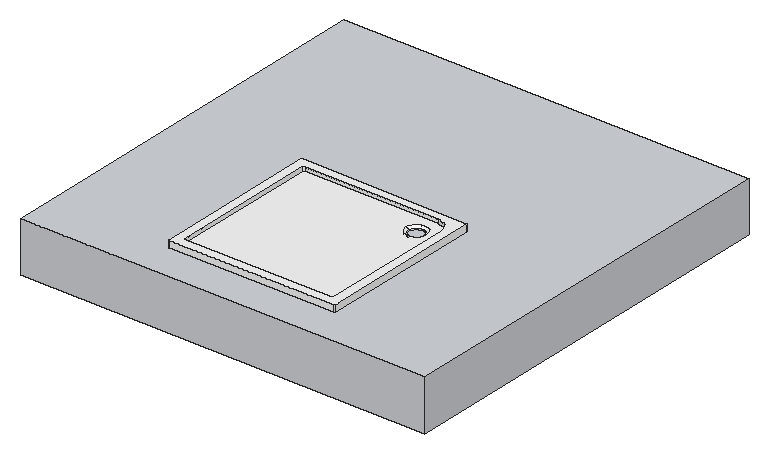
Revit family "IS_ConnectAir_E1054_BIM_DE", category Plumbing Fixtures, host Face, Revit 2014
Parameters (values of type "E105401 - Connect Air rectangular shower tray")
  WarrantyStartDate [instance] = "1900-12-31T23:59:59"
  WarrantyGuarantorParts = "idealstandard.de@idealstandard.com"
  WarrantyGuarantorLabor = "n/a"
  WarrantyDurationUnit = "year"
  WarrantyDurationParts = "n/a"
  WarrantyDurationLabor = "n/a"
  WarrantyDescription = "Manufacturers Warranty"
  VolumeUnits = "Litres"
  Version = "1"
  Uniclass2015Version = "Products v1.1"
  Uniclass2015Title = "Shower trays"
  Uniclass2015Code = "Pr_40_20_06_84"
  URL = "www.idealstandard.com"
  Type Comments = "n/a"
  TagNumber [instance] = "n/a"
  TMV3 = no
  SustainabilityPerformance = "n/a"
  SpareParts = "www.idealstandard.de/ersatzteile"
  Space = "Internal"
  Size = "1000x1000x40mm"
  ShowerType = "n/a"
  ShowerHeadDescription = "n/a"
  Shape = "Rectangular"
  SerialNumber [instance] = "n/a"
  Revision = "n/a"
  ReplacementCost = "n/a"
  ProductInformation = "www.idealstandard.de/produkte"
  Phone = "+49228 5210"
  NominalWidth = 1000 mm
  NominalLength = 1000 mm
  NominalHeight = 40 mm
  NettWeight = "17 kg"
  Name = "ShowerTrays_ConnectAir_E105401_IdealStandard"
  NBSTypeID = "n/a"
  NBSReference = "45-35-70/336"
  NBSOfficeMasterTag = "n/a"
  NBSNote = "n/a"
  NBSDescription = "Shower trays"
  NBSCertification = "n/a"
  ModelReference = Description  # "Connect Air rectangular shower tray"
  ModelNumber = Model  # "E105401"
  MaterialThickness = 0 mm
  Material = "Acrylic"
  ManufacturerURL = "www.idealstandard.com"
  LinearUnits = "millimeters"
  Keynote = "n/a"
  InstallationInstructions = "www.idealstandard.de/produkte"
  InstallationDate [instance] = "1900-12-31T23:59:59"
  IfcExportType = "SHOWER"
  IfcExportAs = "IfcSanitaryTerminalType"
  Help = "idealstandard.de@idealstandard.com"
  HasTray = yes
  HWFU = 0
  GrossWeight = "n/a"
  Grade = "n/a"
  Finish = "white"
  Features = "Connect Air rectangular shower tray"
  ExpectedLife = "25"
  DurationUnit = "year"
  DrainSize = 90 mm
  CurrencyUnit = "n/a"
  CreatedOn = "2016-11-09"
  Cost = 0
  Constituents = "n/a"
  ConnectionType = "Plumbing"
  Color = "White"
  CodePerformance = "DIN EN 14527, DIN EN 251, DIN EN 249"
  Category = "SanitaryTerminal_SHOWER"
  Reference = "n/a"
  Model = "E105401"
  Manufacturer = "idealstandard.de@idealstandard.com"
  Description = "Connect Air rectangular shower tray"
  Default Elevation = 0 mm
  CWFU = 0
  Brand = "Ideal Standard"
  BarCode = "5017830518662"
  BIMObjectName = "ISI_IdealStandard_ShowerTrays_ConnectAir_E105401"
  Author = "Ideal Standard GmbH"
  AssetType = "Fixed"
  AssetIdentifier [instance] = "n/a"
  Assembly Code = "C1030200"
  AreaUnits = "millimeters"
  AreaMeasurement = "n/a"
  Accessories = "www.idealstandard.de\\ersatzteile"
  AccessibilityPerformance = "n/a"
Reference planes
  plane 1 "Center (Front/Back)": y = 0
  plane 2: z = 0
  plane 3 "Center (Left/Right)": x = 0
  plane 4: x = 500
  plane 5: y = -1000
  plane 6: x = -500
  plane 7: y = -50
  plane 8: x = -450
  plane 9: y = -950
  plane 10: x = 450
  plane 11: x = 330
  plane 12: y = -170
  plane 13: z = 40
  plane 14: z = 15
Forms (mm)
  Extrusion 1, solid
    sketch origin (0, 0, 0) x (1, 0, 0) y (0, 1, 0)
      loop
        line (-1219.2, 1219.2) -> (-1219.2, -1219.2) -> (1219.2, -1219.2) -> (1219.2, 1219.2) -> (-1219.2, 1219.2)
    from 0 to -304.8
  Extrusion 2, solid, material "IS_RenderMaterial_VitreousChina"
    sketch origin (0, 0, 0) x (1, 0, 0) y (0, 1, 0)
      loop
        arc (-494, 0) -> (-498.243, -1.757) -> (-500, -6) r 6
        line (-500, -6) -> (-500, -994)
        arc (-500, -994) -> (-498.243, -998.243) -> (-494, -1000) r 6
        line (-494, -1000) -> (494, -1000)
        arc (494, -1000) -> (498.243, -998.243) -> (500, -994) r 6
        line (500, -994) -> (500, -6)
        arc (500, -6) -> (498.243, -1.757) -> (494, 0) r 6
        line (494, 0) -> (-494, 0)
    from 0 to 40
  Extrusion 3, void
    sketch origin (0, 0, 40) x (0, 1, 0) y (1, 0, 0)
      loop
        arc (-950, -440) -> (-947.071, -447.071) -> (-940, -450) r 10
        line (-940, -450) -> (-60, -450)
        arc (-60, -450) -> (-52.929, -447.071) -> (-50, -440) r 10
        line (-50, -440) -> (-50, 360)
        arc (-50, 360) -> (-76.36, 423.64) -> (-140, 450) r 90
        line (-140, 450) -> (-940, 450)
        arc (-940, 450) -> (-947.071, 447.071) -> (-950, 440) r 10
        line (-950, 440) -> (-950, -440)
    from 0 to 25
  Revolve 4, void
    sketch origin (262.521, -170, 1219.2) x (-1, 0, 0) y (0, 0, 1)
      loop
        line (-67.479, -1204.2) -> (-67.479, -1219.2) -> (-22.479, -1219.2) -> (-22.479, -1215.222) -> (-5.459, -1204.2) -> (-67.479, -1204.2)
      loop
        line (-14.527, -1219.2) -> (11.63, -1219.2) -> (3.867, -1213.765) -> (-6.133, -1213.765) -> (-14.527, -1219.2)
      axis (-67.479, -1219.2) -> (-67.479, -1204.2)
    angle from 0 to 360
Cuts and joins
  Extrusion 3, Revolve 4 cuts Extrusion 2
Dimensions and locks
  "NominalWidth": plane 4 to plane 6
  "NominalHeight": plane 13 to Extrusion 1
  "NominalLength": plane 1 "Center (Front/Back)" to plane 5
  aligned and locked: plane 2 to Extrusion 1
  aligned and locked: level to Extrusion 1
  aligned and locked: Extrusion 2 to plane 13
  aligned and locked: plane 9 to Extrusion 3 sketch curve
  aligned and locked: Extrusion 3 sketch curve to plane 8
  aligned and locked: Extrusion 3 sketch curve to plane 7
  aligned and locked: plane 10 to Extrusion 3 sketch curve
  aligned and locked: Extrusion 3 to plane 14
Automatic sketch dimensions
  Extrusion 1 sketch curve to Extrusion 1 sketch curve = 2438.4 mm  (x2)
  Extrusion 2 sketch curve to plane 6 = 0 mm
  plane 5 to Extrusion 2 sketch curve = 0 mm
  plane 1 "Center (Front/Back)" to Extrusion 2 sketch curve = 0 mm
  Extrusion 2 sketch curve to plane 4 = 0 mm
  plane 6 to Extrusion 2 sketch curve = 6 mm
  Extrusion 2 sketch curve to Extrusion 2 sketch curve = 6 mm  (x2)
  Extrusion 2 sketch curve to plane 4 = 6 mm
  Extrusion 3 sketch curve to Extrusion 3 sketch curve = 10 mm  (x3)
  Extrusion 3 sketch curve to Extrusion 3 sketch curve = 90 mm
  Revolve 4 sketch curve to plane 11 = 0 mm  (x2)
  Revolve 4 sketch curve to level = 0 mm  (x2)
  Revolve 4 sketch curve to plane 14 = 0 mm
  level to Revolve 4 sketch curve = 3.978 mm
  Revolve 4 sketch curve to plane 11 = 45 mm
  Revolve 4 sketch curve to Revolve 4 sketch curve = 7.953 mm
  level to Revolve 4 sketch curve = 5.435 mm
  Revolve 4 sketch curve to Revolve 4 sketch curve = 8.394 mm
  Revolve 4 sketch curve to Revolve 4 sketch curve = 0.674 mm
  Revolve 4 sketch curve to Revolve 4 sketch curve = 10 mm
  Revolve 4 sketch curve to Revolve 4 sketch curve = 7.763 mm
  Revolve 4 sketch curve to level = 8.552 mm
  Revolve 4 sketch curve to Revolve 4 sketch curve = 5.309 mm
Connectors
  piping at (330, -170, 0), diameter 90
    settings: on cut or joined group of Extrusion 2, Extrusion 3, Revolve 4, index 1, connector inside diameter 24", connector length 0 mm, flow factor 0, pipe flow 0 GPM, pressure drop 0.00 psi, fitting loss kfactor 0, connector angle 0.00°, fixture units 0, engagement length 0 mm, angle of deflection 0.00°, flow configuration 2, flow direction 2, fitting loss method 0, system type 16, joint type 0, gender type 0, connector reference index -1, connector utility 0, adjustable connector no, is connector primary yes, connector description ""
